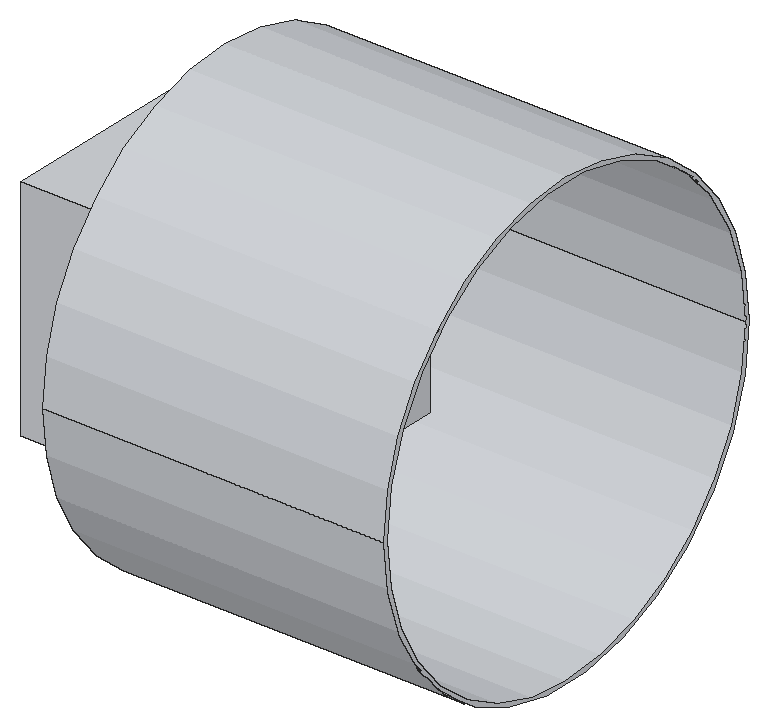
Revit family "WS", category Pipe Accessories, Revit 2021
Family settings
  Round Connector Dimension = Use Diameter
  Part Type = Normal
  Work Plane-Based = Yes
  Always vertical = Yes
  Cut with Voids When Loaded = No
  Shared = No
Parameters
  TS_Point_Number [instance] = GTP_PointNumber_0  # ""
  TS_Point_Description [instance] = "WS"
  Length [instance] = 0' - 1 1/2"
  Inner Diameter [instance] = Diameter - 0' 0 1/32"  # 0' - 1 31/32"
  GTP_PointRole_0 [instance] = ""
  GTP_PointNumber_0 [instance] = ""
  GTP_PointElement_0 [instance] = ""
  GTP_LinkedParam_0 [instance] = "GTP_PointNumber_0"
  Diameter [instance] = 0' - 2"
  Default Elevation = 4' - 0"
Reference planes (in)
  plane 1 "Center (Front/Back)": y = 0
  plane 2: z = 0
  plane 3 "Center (Left/Right)": x = 0
  plane 4: x = 1.5
Forms (in)
  Extrusion 1, solid
    sketch origin (0, 0, 3) x (0, 1, 0) y (0, 0, 1)
      loop
        circle (0, -3) r 1
      loop
        circle (0, -3) r 0.98438
    from 1.5 to 0
Dimensions and locks (in)
  "Length": plane 3 "Center (Left/Right)" to plane 4
  "Diameter": diameter of Extrusion 1 sketch curve
  "Inner Diameter": diameter of Extrusion 1 sketch curve
  aligned and locked: plane 2 to level
  aligned and locked: Extrusion 1 to plane 4
  aligned and locked: plane 3 "Center (Left/Right)" to Extrusion 1
Automatic sketch dimensions
  Extrusion 1 sketch curve to Extrusion 1 sketch curve = 0' - 0"  (x2)
  Extrusion 1 sketch curve to level = 0' - 0"
  Extrusion 1 sketch curve to plane 1 "Center (Front/Back)" = 0' - 0"
Nested families (in)
  nested 1: "GTP" at (0, 0, 0), PointNumber <- "GTP_PointNumber_0", PointRole <- "GTP_PointRole_0", PointElement <- "GTP_PointElement_0", LinkedParam <- "GTP_LinkedParam_0", PointDescription <- "TS_Point_Description", type "Generic Pt"
    with PointRole "", PointNumber "", PointElement "", PointDescription "WS", LinkedParam "GTP_PointNumber_0"
Definition of nested family "GTP"
  Parameters (values of type "Generic Pt")
    URL = ""
    PointRole [instance] = "Stake Out"
    PointNumber [instance] = ""
    PointElement [instance] = ""
    PointDescription [instance] = "Generic Pt"
    Manufacturer = "Autodesk Inc."
    LinkedParam [instance] = ""
    Default Elevation = 0' - 0"
  Reference planes (in)
    plane 1 "Center (Front/Back)": y = 0
    plane 2: z = 0
    plane 3 "Center (Left/Right)": x = 0
  Forms (in)
    Extrusion 1, solid, detail levels medium+fine
      sketch origin (0, 0, 0) x (1, 0, 0) y (0, 1, 0)
        loop
          line (0.5, -0.5) -> (0.5, 0.5) -> (-0.5, 0.5) -> (-0.5, -0.5) -> (0.5, -0.5)
      from -0.5 to 0.5
  Lines and regions (in)
    model lines, detail levels coarse+medium
      curve 1: line (0, 0.5, 0) -> (0, 0, 0)
      curve 2: line (-0.5, 0, 0) -> (0, 0, 0)
      curve 3: line (0, 0, -0.5) -> (0, 0, 0)
      curve 4: line (0, 0, 0) -> (0.5, 0, 0)
      curve 5: line (0, 0, 0) -> (0, -0.5, 0)
      curve 6: line (0, 0, 0) -> (0, 0, 0.5)
